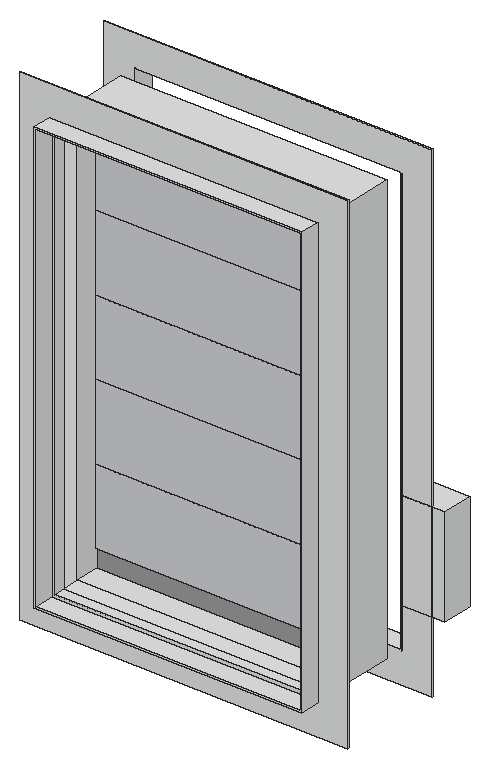
Revit family "HFS", category Duct Accessories, Revit 2014
Parameters
  Wall Thickness [instance] = 200 mm
  URL = "http://www.productspec.net/products/42787/holyoake-industries-ltd/hfsr146-fire-and-leakage-rated-smoke-damper.aspx"
  Single Blade = Blades < 2  # no
  Show Blades Open [instance] = no
  Parametric W = 500 mm
  Parametric H = 900 mm
  Nominal W = if(Parametric W < 200 mm, 200 mm, if(Parametric W > 900 mm, 900 mm, Parametric W))  # 500 mm
  Nominal H = if(Parametric H < 230 mm, 230 mm, if(Parametric H > 1113 mm, 1113 mm, Parametric H))  # 900 mm
  Multiple Blade = Blades > 2  # yes
  Mounting Frame Material = Aluminium
  Model = "HFS"  # constant formula
  Manufacturer = "Holyoake Industries"  # constant formula
  Internal Duct W = Nominal W - 6 mm  # 494 mm
  Internal Duct H = Nominal H - 6 mm  # 894 mm
  H Min = if(Nominal H > 1105 mm, 1106 mm, if(Nominal H > 959 mm, 960 mm, if(Nominal H > 813 mm, 814 mm, if(Nominal H > 667 mm, 668 mm, if(Nominal H > 521 mm, 522 mm, if(Nominal H > 375 mm, 376 mm, 230 mm))))))  # 814 mm
  Frame Material = Aluminium
  Frame Edge = 6 mm  # constant formula
  Frame Allowance = 23 mm  # constant formula
  C Min = if(Nominal H > 960 mm, 759 mm, if(Nominal H > 814 mm, 613 mm, if(Nominal H > 668 mm, 467 mm, if(Nominal H > 522 mm, 321 mm, 175 mm))))  # 613 mm
  C = ((Nominal H - 230 mm) / Blades) + C Min  # 747 mm
  Blades = if(Parametric H > 1105 mm, 7, if(Parametric H > 959 mm, 6, if(Parametric H > 813 mm, 5, if(Parametric H > 667 mm, 4, if(Parametric H > 521 mm, 3, if(Parametric H > 375 mm, 2, if(Parametric H > 229 mm, 1, 1)))))))  # 5
  Blade W = Nominal W - ((Frame Allowance * 2) - (Frame Edge * 2))  # 466 mm
  Blade Spacing = 146 mm  # constant formula
  B Min = 33 mm  # constant formula
  B = ((Nominal H - H Min) / Blades) + B Min  # 50.2 mm
  Array = if(Blades < 2, 2, Blades)  # 5
  Actuator Width = Nominal W + Frame Allowance  # 523 mm
  Actuator Right [instance] = not(Actuator Left)  # yes
  Actuator Material = Aluminium
  Actuator Left [instance] = no
  A Min = 115 mm  # constant formula
  A = ((Nominal H - H Min) / Blades) + A Min  # 132.2 mm
Reference planes
  plane 1 "Center (Front/Back)": y = 0
  plane 2: z = 0
  plane 3 "Center (Left/Right)": x = 0
  plane 4: x = 250
  plane 5: x = 250
  plane 6: z = -280.8
  plane 7: z = -134.8
  plane 8: z = 390
  plane 9: x = -233
  plane 10: x = 233
  plane 11: y = 167
  plane 12 "Center": y = 83.5
  plane 13: x = 256
  plane 14 "Back": y = 200
  plane 15: x = -250
  plane 16: x = -256
  plane 17: z = 413
  plane 18: z = 407
  plane 19: z = -413
  plane 20: z = -407
  plane 21: z = -390
  plane 22: z = 493
  plane 23: z = -334
  plane 24: z = -339.8
  plane 25: z = 339.8
Forms (mm)
  Sweep 1, solid, material "Aluminium" <- "Frame Material"
    path origin (0, 0, 0) x (1, 0, 0) y (0, 0, 1)
      loop
        line (256, 413) -> (-256, 413) -> (-256, -413) -> (256, -413) -> (256, 413)
    profile "Frame : Typical" origin (0, 0, 413) x (0, 0, -1) y (0, -1, 0)
      loop
        line (0, 0) -> (0, -167) -> (6, -167) -> (6, -145) -> (23, -130.682) -> (23, -31.535) -> (6, -22) -> (6, 0) -> (0, 0)
  Sweep 2, solid, material "Aluminium" <- "Mounting Frame Material"
    path origin (0, 0, 0) x (1, 0, 0) y (0, 0, 1)
      loop
        line (256, 413) -> (-256, 413) -> (-256, -413) -> (256, -413) -> (256, 413)
    profile "Mounting Angle : Side 2" origin (0, 0, 413) x (0, 0, -1) y (0, -1, 0)
      loop
        line (0, 0) -> (0, 40) -> (-2, 40) -> (-2, 2) -> (-60, 2) -> (-60, 0) -> (0, 0)
  Sweep 3, solid
    path origin (0, 83.5, 0) x (-1, 0, 0) y (0, 0, 1)
      loop
        line (233, -390) -> (-233, -390)
    profile "Blade Stop : Typical" origin (0, 83.5, -390) x (0, 0, -1) y (0, 1, 0)
      loop
        line (-35, 0) -> (-35, -3) -> (0, -3) -> (0, 25) -> (-3, 25) -> (-3, 0) -> (-35, 0)
  Sweep 4, solid
    path origin (0, 83.5, 0) x (-1, 0, 0) y (0, 0, 1)
      loop
        line (-233, 390) -> (233, 390)
    profile "Blade Stop : Typical" origin (0, 83.5, 390) x (0, 0, 1) y (0, 1, 0)
      loop
        line (-35, 0) -> (-35, -3) -> (0, -3) -> (0, 25) -> (-3, 25) -> (-3, 0) -> (-35, 0)
  Sweep 5, solid, material "Aluminium" <- "Mounting Frame Material"
    path origin (0, 200, 0) x (0, 0, 1) y (-1, 0, 0)
      loop
        line (413, -256) -> (413, 256) -> (-413, 256) -> (-413, -256) -> (413, -256)
    profile "Mounting Angle : Side 2" origin (256, 200, 0) x (1, 0, 0) y (0, -1, 0)
      loop
        line (0, 0) -> (0, -40) -> (2, -40) -> (2, -2) -> (60, -2) -> (60, 0) -> (0, 0)
Dimensions and locks
  "Blade Spacing": plane 7 to plane 6
  equal spacing: group 1, group 2, group 3, group 4, group 5  (x3)
  equal spacing: plane 11, plane 12 "Center", plane 1 "Center (Front/Back)"
  locked: plane 11 to plane 1 "Center (Front/Back)" at 167
  "Frame Edge": plane 13 to plane 4
  "Frame Allowance": plane 13 to plane 10
  "Wall Thickness": plane 14 "Back" to plane 1 "Center (Front/Back)"
  equal spacing: plane 4, plane 3 "Center (Left/Right)", plane 15
  "Parametric W": plane 5 to plane 15
  "Nominal W": plane 4 to plane 15
  "Frame Edge": plane 15 to plane 16
  "Frame Allowance": plane 9 to plane 16
  "Frame Allowance": plane 17 to plane 8
  "Frame Edge": plane 17 to plane 18
  "Frame Allowance": plane 21 to plane 19
  "Frame Edge": plane 20 to plane 19
  equal spacing: plane 18, level, plane 20
  "H Min": plane 18 to plane 20
  "A": plane 6 to plane 19
  "Parametric H": plane 22 to plane 20
  "C": plane 17 to plane 23
  "B": plane 8 to plane 25
  "B": plane 24 to plane 21
  "Wall Thickness": plane 1 "Center (Front/Back)" to plane 14 "Back"
  aligned and locked: level to plane 2
  aligned and locked: nested 1 to plane 6
  aligned and locked: nested 1 to plane 9
  aligned and locked: nested 2 to plane 9
  aligned and locked: nested 3 to plane 9
  aligned and locked: nested 3 to plane 6
  aligned and locked: nested 3 to plane 12 "Center"
  aligned and locked: nested 1 to plane 12 "Center"
  aligned and locked: nested 2 to plane 12 "Center"
  aligned and locked: nested 2 to plane 7
  aligned and locked: Sweep 2 sketch curve to Sweep 1  (x4)
  aligned and locked: Sweep 3 sketch curve to Sweep 1
  aligned and locked: Sweep 4 sketch curve to Sweep 1
  aligned and locked: Sweep 5 sketch curve to Sweep 1  (x4)
  aligned and locked: nested 5 to plane 23
  aligned and locked: plane 3 "Center (Left/Right)" to nested 5
  aligned and locked: plane 14 "Back" to nested 5
Automatic sketch dimensions
  Sweep 1 sketch curve to plane 16 = 0 mm
  plane 13 to Sweep 1 sketch curve = 0 mm
  Sweep 1 sketch curve to plane 19 = 0 mm
  Sweep 1 sketch curve to plane 17 = 0 mm
  Sweep 3 sketch curve to plane 10 = 0 mm
  Sweep 3 sketch curve to plane 9 = 0 mm
  Sweep 4 sketch curve to plane 10 = 0 mm
  Sweep 4 sketch curve to plane 9 = 0 mm
Nested families
  nested 1: "Blade" at (-233, 83.5, -280.8), visible <- "Multiple Blade", type "Typical"
    with W 466 mm, Show Open no, Show Closed yes, Angle 0.00°
  nested 2: "Blade" at (-233, 83.5, -134.8), visible <- "Multiple Blade", type "Typical"
    with W 466 mm, Show Open no, Show Closed yes, Angle 0.00°
  nested 3: "Blade" at (-233, 83.5, -280.8), visible <- "Single Blade", type "Typical"
    with W 466 mm, Show Open no, Show Closed yes, Angle 0.00°
  nested 4: "Blade" at (-233, 83.5, 11.2), visible <- "Multiple Blade", type "Typical"
    with W 466 mm, Show Open no, Show Closed yes, Angle 0.00°
  nested 5: "Actuator" at (0, 200, -334), type "Type 1"
    with W 523 mm, Right yes, Left no, Actuator W 80 mm, Actuator H 190 mm, Actuator D 60 mm
  nested 6: "Blade" at (-233, 83.5, 157.2), visible <- "Multiple Blade", type "Typical"
    with W 466 mm, Show Open no, Show Closed yes, Angle 0.00°
  nested 7: "Blade" at (-233, 83.5, 303.2), visible <- "Multiple Blade", type "Typical"
    with W 466 mm, Show Open no, Show Closed yes, Angle 0.00°
Connectors
  hvac at (0, 0, 0), driven by "H Min", driven by "Nominal W"
    settings: on Sweep 1, index 1, duct flow 0.0 L/s, flow factor 0, pres drop 0.0 Pa, loss coef 0, conn angle 0.00°, conn width 500 mm, conn height 814 mm, conn diameter 609.6 mm, duct sys type 29, conn prof type 1, flow config 0, flow direction 0, loss method 0, conn ref index -1, conn util no, is conn primary yes, conn desc ""
  hvac at (0, 167, 0), driven by "H Min", driven by "Nominal W"
    settings: on Sweep 1, index 2, duct flow 0.0 L/s, flow factor 0, pres drop 0.0 Pa, loss coef 0, conn angle 0.00°, conn width 500 mm, conn height 814 mm, conn diameter 609.6 mm, duct sys type 29, conn prof type 1, flow config 0, flow direction 0, loss method 0, conn ref index -1, conn util no, is conn primary no, conn desc ""
Definition of nested family "Blade"
  Parameters (values of type "Typical")
    W = 882 mm
    Show Open = yes
    Show Closed = not(Show Open)  # no
    Angle = if(Show Open, 90.00°, 0.00°)  # 90.00°
  Reference planes
    plane 1 "Center (Front/Back)": y = 0
    plane 2: z = 0
    plane 3 "Center (Left/Right)": x = 0
    plane 4: x = 882
  Forms (mm)
    Sweep 1, solid
      path in 3D
        loop
          line (0, 0, 0) -> (882, 0, 0)
      profile "Blade Profile : Typical" origin (441, 0, 0) x (0, 1, 0) y (0, 0, 1)
        loop
          line (-73, -8.811) -> (73, -8.811) -> (73, 8.811) -> (-73, 8.811) -> (-73, -8.811)
  Lines and regions (mm)
    reference lines
      curve 1: line (0, 0, 0) -> (882, 0, 0)
    sketch lines
      curve 2: line (0, 0, 0) -> (882, 0, 0)
  Dimensions and locks
    "W": plane 4 to plane 3 "Center (Left/Right)"
    aligned and locked: level to plane 2
  Automatic sketch dimensions
    plane 1 "Center (Front/Back)" to curve 1 = 0 mm
    curve 1 to plane 3 "Center (Left/Right)" = 0 mm
    curve 1 to plane 4 = 0 mm
Definition of nested family "Actuator"
  Parameters (values of type "Family2")
    W = 1841.429 mm
    Right = not(Left)  # no
    Material = none
    Left = yes
    Actuator W = 90.537 mm
    Actuator H = 731.608 mm
    Actuator D = 384.801 mm
  Reference planes
    plane 1 "Center (Front/Back)": y = 0
    plane 2: z = 0
    plane 3 "Center (Left/Right)": x = 0
    plane 4: x = -1011.252
    plane 5: x = 1011.252
    plane 6: x = -920.715
    plane 7: x = 920.715
    plane 8: y = 384.801
    plane 9: z = 731.608
  Forms (mm)
    Extrusion 1, solid, material <- "Material", visible <- "Left"
      sketch origin (0, 0, 0) x (1, 0, 0) y (0, 1, 0)
        loop
          line (-1011.252, 384.801) -> (-1011.252, 0) -> (-920.715, 0) -> (-920.715, 384.801) -> (-1011.252, 384.801)
      from 0 to 731.608
    Extrusion 2, solid, material <- "Material", visible <- "Right"
      sketch origin (0, 0, 0) x (1, 0, 0) y (0, 1, 0)
        loop
          line (920.715, 384.801) -> (920.715, 0) -> (1011.252, 0) -> (1011.252, 384.801) -> (920.715, 384.801)
      from 0 to 731.608
  Dimensions and locks
    equal spacing: plane 6, plane 3 "Center (Left/Right)", plane 7
    "W": plane 6 to plane 7
    "Actuator W": plane 4 to plane 6
    "Actuator W": plane 7 to plane 5
    "Actuator D": plane 8 to plane 1 "Center (Front/Back)"
    "Actuator H": plane 9 to plane 2
    aligned and locked: level to plane 2
    aligned and locked: plane 9 to Extrusion 1
    aligned and locked: plane 9 to Extrusion 2
  Automatic sketch dimensions
    plane 1 "Center (Front/Back)" to Extrusion 1 sketch curve = 0 mm
    Extrusion 1 sketch curve to plane 4 = 0 mm
    Extrusion 1 sketch curve to plane 6 = 0 mm
    Extrusion 1 sketch curve to plane 8 = 0 mm
    plane 1 "Center (Front/Back)" to Extrusion 2 sketch curve = 0 mm
    Extrusion 2 sketch curve to plane 7 = 0 mm
    Extrusion 2 sketch curve to plane 5 = 0 mm
    Extrusion 2 sketch curve to plane 8 = 0 mm
